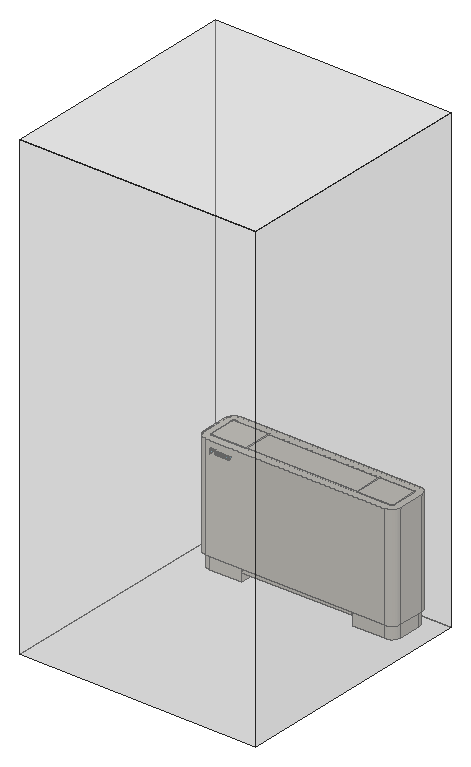
Revit family "outputfile", category 機械設備, Revit 2024
Family settings
  丸型コネクタ寸法 = 半径を使用
  パーツ タイプ = 標準
  OmniClass 番号 = 23.75.10.24.21.27.27
  OmniClass タイトル = Split System Air Conditioning Units
  作業面ベース = いいえ
  常に垂直 = はい
  ロード時にボイドで切り取り = いいえ
  注釈の向きを維持 = いいえ
  共有 = いいえ
  部屋計算ポイント = いいえ
Parameters (values of type "FXLQ20MAVE8")
  Description = ""
  製造元 = "Daikin"
  書き出し IFC クラス(タイプ) = "IfcUnitaryEquipmentType"
  定義済み IFC タイプ(タイプ) = "AIRCONDITIONINGUNIT"
  Cost = 0
  モデル = "FXLQ20MAVE8"
  Type Comments = ""
  Keynote = ""
  Type Image = (empty or 0)
  Assembly Code = ""
  w_machine casing = 620.0 mm
  w_hangerfixture = 0.0 mm
  w_dischargeflange = 562.0 mm
  w_2_machine casing = 590.0 mm
  w_1_machine casing = 562.0 mm
  r_Liquid Pipe Size = Liquid Pipe Size / 2  # 3.2 mm
  r_Gas Pipe Size = Gas Pipe Size / 2  # 6.35 mm
  w_mounting foot = 830.0 mm
  r_Drain Pipe Size = Drain Pipe Size / 2  # 10.5 mm
  h_mountinghole = [h***] + 2.5 mm  # 2.5 mm
  lh_liquidpipe = 391.0 mm  # constant formula
  lh_gaspipe = 301.0 mm  # constant formula
  lh_drainpipe = 181.0 mm  # constant formula
  lh_antena = 598.5 mm  # constant formula
  ld_liquidpipe = 88.0 mm  # constant formula
  ld_gaspipe = 143.0 mm  # constant formula
  ld_drainpipe = 156.0 mm  # constant formula
  h*** = 0.0 mm  # constant formula
  w_front suction = 601.0 mm
  d_pipe_2 = 27.3 mm  # constant formula
  d_pipe_1 = 47.6 mm  # constant formula
  d_pipe = 71.2 mm  # constant formula
  Width = 1000.0 mm
  Voltage_comment_50Hz = "220-240"
  Voltage_50Hz = 220 V
  Version = "ver.1.0"
  Unit Type = "Floor Standing Type"
  Unit Mass Weight = 25.00 kg
  Unit Designation [instance] = ""
  Uniclass2015Version = "Products v1.30"
  Uniclass2015Title = "Variable refrigerant flow units"
  Uniclass2015Code = "Pr_70_65_03_94"
  URL = ""
  Total Heating Capacity [instance] = 0.000 kW
  Total Cooling Capacity [instance] = 0.000 kW
  Sound Pressure Level_M speed (dBA) = 0
  Sound Pressure Level_L speed (dBA) = 33
  Sound Pressure Level_H speed (dBA) = 36
  Sound Power Level_H speed (dB) = 0
  Series = "VRV Fan Coil Unit"
  Sensible Cooling Capacity [instance] = 0.000 kW
  SA Duct Size Width = w_dischargeflange  # 562.0 mm
  SA Duct Size Height = 150.0 mm  # constant formula
  Refrigerant Type = "R410A"
  Power Input (Heating) = 0.049 kW
  Power Input (Cooling) = 0.049 kW
  Phase_50Hz = 1
  Option Accessory 3 [instance] = ""
  Option Accessory 2 [instance] = ""
  Option Accessory 1 [instance] = ""
  Nominal Heating Capacity = 2.500 kW
  Nominal Cooling Capacity = 2.200 kW
  Minimum External Static Pressure = 0.00 Pa
  Minimum Circuit Amps_50Hz = 0.3 A
  Minimum Airflow = 360.00 m³/h
  Median Airflow = 0.00 m³/h
  Maximum Fuse Amps_50Hz = 15.0 A
  Maximum External Static Pressure = 0.00 Pa
  Maximum Airflow = 420.00 m³/h
  Material_Casing = DAIKIN_IvoryWhite_Casing_indoorunit
  Load Classification = HVAC
  Liquid Pipe Size = 6.4 mm
  Link_Nested Family [instance] = ""
  IfcVersion = "0"
  IfcExportType = "AIRCONDITIONINGUNIT"
  IfcExportAs = "IfcUnitaryEquipmentType"
  Height = 600.0 mm
  Heating Entering Wet Bulb Temperature [instance] = 0.00 °C
  Heating Entering Dry Bulb Temperature [instance] = 0.00 °C
  Heating Ambient Wet Bulb Temperature [instance] = 0.00 °C
  Heating Ambient Dry Bulb Temperature [instance] = 0.00 °C
  Heat Exchanger Type = "Cross Fin Coil"
  Gas Pipe Size = 12.7 mm
  Frequency_50Hz = 50 Hz
  Fan Type = "Sirocco Fan"
  Fan Drive = "Direct Drive"
  FCU Tag No. [instance] = ""
  Drain Pipe Size = 21.0 mm
  Design Supply Airflow [instance] = 0.00 m³/h
  Design External Static Pressure [instance] = 0.00 Pa
  Depth = 222.0 mm
  既定の高さ = 0.0 mm
  Cooling Entering Wet Bulb Temperature [instance] = 0.00 °C
  Cooling Entering Dry Bulb Temperature [instance] = 0.00 °C
  Cooling Ambient Wet Bulb Temperature [instance] = 0.00 °C
  Cooling Ambient Dry Bulb Temperature [instance] = 0.00 °C
  Clearance visibility [instance] = yes
  Clearance Top = 1750.0 mm
  Clearance Right = 100.0 mm
  Clearance Rear = 20.0 mm
  Clearance Left = 100.0 mm
  Clearance Front = 1000.0 mm
  Clearance Bottom = 0.0 mm
Reference planes
  plane 1: y = 0
  plane 2: z = 0
  plane 3 "Center (Left/Right)": x = 0
  plane 4 "Center (Front/Back)": y = -103
  plane 5: y = -206
  plane 6: x = -310
  plane 7: x = 310
  plane 8: z = 584
  plane 9: z = 68
  plane 10: z = 609
  plane 11: z = 2350
  plane 12: z = 0
  plane 13: x = -600
  plane 14: x = 600
  plane 15: y = -1214
  plane 16: y = 28
  plane 17 "Bottom": z = 0
  plane 18: x = -278
  plane 19: x = 278
  plane 20: x = -329
  plane 21: x = -480
  plane 22: z = 129
  plane 23: z = 518
  plane 24: z = 564.5
  plane 25: y = -32
  plane 26: x = 408.8
  plane 27 "ld_drainpipe": y = -148
  plane 28: z = 181
  plane 29: z = 301
  plane 30: z = 391
  plane 31: x = 337
  plane 32: x = 295
  plane 33: x = -295
  plane 34 "ld_liquidpipe": y = -80
  plane 35 "ld_gaspipe": y = -135
  plane 36: x = 444
  plane 37: z = 518.4
  plane 38: z = 388.6
  plane 39: x = 296
  plane 40: x = -296
  plane 41: x = -404.5
  plane 42: y = -42
  plane 43: y = -25.8
  plane 44 "Left": x = -500
  plane 45 "Right": x = 500
  plane 46: x = -281
  plane 47: x = 281
  plane 48: z = 70
  plane 49 "Top": z = 600
  plane 50 "Front": y = -214
  plane 51 "Back": y = 8
  plane 52: y = -201
Forms (mm)
  Extrusion 1, solid, material "DAIKIN_IvoryWhite_Casing_indoorunit" <- "Material_Casing"
    sketch origin (0, 0, 0) x (1, 0, 0) y (0, 1, 0)
      loop
        line (-310, 0) -> (-310, -206) -> (310, -206) -> (310, 0) -> (-310, 0)
    from 68 to 584
  Extrusion 2, solid, material "DAIKIN_IvoryWhite_Casing_indoorunit" <- "Material_Casing"
    sketch origin (0, 0, 68) x (0, 1, 0) y (1, 0, 0)
      loop
        line (0, -278) -> (0, 278) -> (-206, 278) -> (-206, -278) -> (0, -278)
    from 0 to 19.6
  Extrusion 3, solid, material "DAIKIN_IvoryWhite_Casing_indoorunit" <- "Material_Casing"
    sketch origin (-310, -206, 0) x (0, 1, 0) y (0, 0, -1)
      loop
        circle (103, -448.5) r 12.5
      loop
        circle (103, -243.5) r 12.5
    from 0 to 19
  Extrusion 4, solid, material "DAIKIN_IvoryWhite_Casing_indoorunit" <- "Material_Casing"
    sketch origin (0, 0, 68) x (-1, 0, 0) y (0, -1, 0)
      loop
        line (480, 25.8) -> (480, 71.25) -> (345.25, 206) -> (329, 206) -> (329, 25.8) -> (480, 25.8)
    from 61 to 450
  Extrusion 5, solid, material "DAIKIN_IvoryWhite_Casing_indoorunit" <- "Material_Casing"
    sketch origin (310, 0, 0) x (0, -1, 0) y (0, 0, -1)
      loop
        line (5.208, -545.14) -> (32, -564.5) -> (104, -554.5) -> (202.913, -407.529) -> (197.289, -319.3) -> (168.604, -299.952) -> (5.208, -545.14)
    from 0 to 98.8
  Extrusion 6, solid, material "DAIKIN_IvoryWhite_Casing_indoorunit" <- "Material_Casing"
    sketch origin (310, 0, 0) x (0, -1, 0) y (0, 0, -1)
      loop
        line (188.5, -240) -> (188.5, -210) -> (107.5, -210) -> (107.5, -240) -> (188.5, -240)
    from 0 to 50
  Extrusion 7, solid, material "DAIKIN_IvoryWhite_Casing_indoorunit" <- "Material_Casing"
    sketch origin (310, -107.5, 210) x (-1, 0, 0) y (0, 1, 0)
      loop
        circle (-27, -40.5) r 10.5
    from 0 to 29
  Sweep 8, solid, material "DAIKIN_IvoryWhite_Casing_indoorunit" <- "Material_Casing"
    path origin (0, -80, 0) x (0, 0, 1) y (1, 0, 0)
      loop
        line (518.4, 408.8) -> (518.4, 431)
        arc (518.4, 431) -> (514.592, 440.192) -> (505.4, 444) r 13
        line (505.4, 444) -> (391, 444)
    profile origin (419.9, -80, 518.4) x (0, 0, -1) y (0, 1, 0)
      loop
        circle (0, 0) r 3.2
  Sweep 9, solid, material "DAIKIN_IvoryWhite_Casing_indoorunit" <- "Material_Casing"
    path origin (0, -135, 0) x (0, 0, 1) y (1, 0, 0)
      loop
        line (388.6, 408.8) -> (388.6, 431)
        arc (388.6, 431) -> (384.792, 440.192) -> (375.6, 444) r 13
        line (375.6, 444) -> (301, 444)
    profile origin (419.9, -135, 388.6) x (0, 0, -1) y (0, 1, 0)
      loop
        circle (0, 0) r 6.35
Dimensions and locks
  equal spacing: plane 5, plane 4 "Center (Front/Back)", plane 1
  equal spacing: plane 6, plane 3 "Center (Left/Right)", plane 7
  locked: plane 10 to plane 8 at 25
  "h***": plane 17 "Bottom" to plane 2
  locked: plane 8 to plane 9 at 516
  "Clearance Bottom": plane 17 "Bottom" to plane 12
  locked: plane 6 to plane 18 at 32
  locked: plane 19 to plane 7 at 32
  plane 18 to plane 19 = 556.0 mm
  locked: Extrusion 3 sketch curve to plane 9 at 175.5
  locked: Extrusion 3 sketch curve to Extrusion 3 sketch curve at 205
  locked: plane 6 to plane 20 at 19
  plane 23 to plane 22 to plane 17 "Bottom" = 389.0 mm locked, 129.0 mm locked
  locked: plane 21 to plane 6 at 170
  locked: plane 10 to plane 24 at 44.5
  locked: plane 5 to plane 25 at 174
  locked: plane 7 to plane 26 at 98.8
  locked: Extrusion 6 sketch curve to Extrusion 6 sketch curve at 30
  locked: Extrusion 6 sketch curve to Extrusion 6 sketch curve at 81
  locked: Extrusion 6 sketch curve to plane 17 "Bottom" at 240
  locked: plane 27 "ld_drainpipe" to Extrusion 6 sketch curve at 40.5
  "lh_drainpipe": plane 28 to plane 17 "Bottom"
  "lh_gaspipe": plane 29 to plane 17 "Bottom"
  "lh_liquidpipe": plane 30 to plane 17 "Bottom"
  locked: plane 33 to plane 6 at 15
  locked: plane 7 to plane 32 at 15
  locked: plane 31 to plane 32 at 42
  locked: plane 36 to plane 7 at 134
  locked: plane 10 to plane 37 at 90.6
  locked: plane 10 to plane 38 at 220.4
  locked: plane 6 to plane 40 at 14
  locked: plane 39 to plane 7 at 14
  equal spacing: plane 32, plane 3 "Center (Left/Right)", plane 33
  plane 32 to plane 33 = 590.0 mm
  locked: plane 21 to plane 41 at 75.5
  locked: plane 42 to plane 1 at 42
  locked: plane 43 to plane 5 at 180.2
  locked: Extrusion 4 sketch curve to plane 20 at 16.25
  locked: plane 43 to Extrusion 4 sketch curve at 45.45
  locked: plane 46 to plane 44 "Left" at 219
  locked: plane 45 "Right" to plane 47 at 219
  "Width": plane 45 "Right" to plane 44 "Left"
  locked: plane 49 "Top" to plane 48 at 530
  equal spacing: plane 45 "Right", plane 3 "Center (Left/Right)", plane 44 "Left"
  "w_machine casing": plane 6 to plane 7
  "Depth": plane 51 "Back" to plane 50 "Front"
  equal spacing: plane 51 "Back", plane 4 "Center (Front/Back)", plane 50 "Front"
  locked: plane 1 to plane 5 at 206
  locked: plane 10 to plane 17 "Bottom" at 609
  "Height": plane 49 "Top" to plane 17 "Bottom"
  "Clearance Rear": plane 16 to plane 51 "Back"
  "Clearance Front": plane 50 "Front" to plane 15
  "Clearance Right": plane 14 to plane 45 "Right"
  "Clearance Left": plane 44 "Left" to plane 13
  "Clearance Top": plane 11 to plane 49 "Top"
  equal spacing: plane 18, nested 2, plane 19
  "ld_liquidpipe": plane 34 "ld_liquidpipe" to plane 51 "Back"
  "ld_gaspipe": plane 35 "ld_gaspipe" to plane 51 "Back"
  "ld_drainpipe": plane 27 "ld_drainpipe" to plane 51 "Back"
  locked: plane 50 "Front" to plane 52 at 13
  "Drain Pipe Size": diameter of Extrusion 7 sketch curve
  "Gas Pipe Size": diameter of Sweep 9 sketch curve
  locked: Extrusion 4 sketch curve to Extrusion 4 sketch curve (angle 45.00°)
  aligned and locked: level to plane 2
  aligned and locked: plane 1 to Extrusion 1 sketch curve
  aligned and locked: plane 6 to Extrusion 1 sketch curve
  aligned and locked: plane 5 to Extrusion 1 sketch curve
  aligned and locked: Extrusion 1 sketch curve to plane 7
  aligned and locked: plane 8 to Extrusion 1
  aligned and locked: Extrusion 1 to plane 9
  aligned and locked: plane 8 to nested 1
  aligned and locked: plane 3 "Center (Left/Right)" to nested 1
  aligned and locked: nested 2 to plane 16
  aligned and locked: nested 2 to plane 15
  aligned and locked: plane 11 to nested 2
  aligned and locked: plane 12 to nested 2
  aligned and locked: plane 13 to nested 2
  aligned and locked: plane 14 to nested 2
  aligned and locked: nested 3 to plane 4 "Center (Front/Back)"
  aligned and locked: nested 4 to plane 4 "Center (Front/Back)"
  aligned and locked: plane 1 to Extrusion 2 sketch curve
  aligned and locked: plane 5 to Extrusion 2 sketch curve
  aligned and locked: plane 18 to Extrusion 2 sketch curve
  aligned and locked: Extrusion 2 sketch curve to plane 19
  aligned and locked: plane 4 "Center (Front/Back)" to Extrusion 3 sketch curve  (x2)
  aligned and locked: Extrusion 3 to plane 20
  aligned and locked: plane 21 to Extrusion 4 sketch curve
  aligned and locked: Extrusion 4 sketch curve to plane 20
  aligned and locked: plane 23 to Extrusion 4
  aligned and locked: Extrusion 4 to plane 22
  aligned and locked: plane 26 to Extrusion 5
  aligned and locked: plane 25 to Extrusion 5 sketch curve
  aligned and locked: plane 24 to Extrusion 5 sketch curve
  aligned and locked: plane 31 to Extrusion 7 sketch curve
  aligned and locked: plane 27 "ld_drainpipe" to Extrusion 7 sketch curve
  aligned and locked: Extrusion 7 to plane 28
  aligned and locked: plane 36 to Sweep 8 sketch curve
  aligned and locked: Sweep 8 sketch curve to plane 37
  aligned and locked: plane 30 to Sweep 8 sketch curve
  aligned and locked: plane 26 to Sweep 8 sketch curve
  aligned and locked: plane 29 to Sweep 9 sketch curve
  aligned and locked: plane 26 to Sweep 9 sketch curve
  aligned and locked: Sweep 9 sketch curve to plane 38
  aligned and locked: plane 36 to Sweep 9 sketch curve
  aligned and locked: nested 3 to plane 39
  aligned and locked: plane 40 to nested 4
  aligned and locked: plane 31 to nested 5
  aligned and locked: nested 6 to plane 36
  aligned and locked: nested 7 to plane 36
  aligned and locked: nested 8 to plane 41
  aligned and locked: plane 4 "Center (Front/Back)" to nested 8
  aligned and locked: Extrusion 4 sketch curve to plane 43
  aligned and locked: Extrusion 4 sketch curve to plane 5
  aligned and locked: nested 7 to plane 34 "ld_liquidpipe"
  aligned and locked: nested 6 to plane 35 "ld_gaspipe"
  aligned and locked: nested 5 to plane 27 "ld_drainpipe"
  aligned and locked: nested 9 to plane 46
  aligned and locked: nested 9 to plane 17 "Bottom"
  aligned and locked: nested 10 to plane 47
  aligned and locked: nested 10 to plane 17 "Bottom"
  aligned and locked: plane 3 "Center (Left/Right)" to nested 11
  aligned and locked: nested 11 to plane 4 "Center (Front/Back)"
  aligned and locked: nested 11 to plane 48
  aligned and locked: nested 12 to plane 50 "Front"
  aligned and locked: plane 24 to nested 12
  aligned and locked: plane 20 to nested 12
  aligned and locked: plane 52 to nested 10
  aligned and locked: nested 9 to plane 52
  aligned and locked: nested 5 to plane 17 "Bottom"
  aligned and locked: nested 6 to plane 17 "Bottom"
  aligned and locked: nested 7 to plane 17 "Bottom"
  aligned and locked: nested 8 to plane 17 "Bottom"
  aligned and locked: plane 4 "Center (Front/Back)" to nested 1
  aligned and locked: plane 49 "Top" to nested 11
Automatic sketch dimensions
  Extrusion 1 sketch curve to plane 5 = 0.0 mm
  Extrusion 1 to Extrusion 5 sketch curve = 5.208 mm
  Extrusion 1 to Extrusion 5 sketch curve = 29.5 mm
  Extrusion 5 sketch curve to Extrusion 5 sketch curve = 72.0 mm
  Extrusion 1 to Extrusion 5 sketch curve = 37.396 mm
  Extrusion 1 to Extrusion 5 sketch curve = 8.711 mm
  Extrusion 1 to Extrusion 5 sketch curve = 3.087 mm
  Extrusion 5 sketch curve to Extrusion 5 sketch curve = 19.36 mm
  Extrusion 1 to Extrusion 5 sketch curve = 176.471 mm
  Extrusion 5 sketch curve to Extrusion 5 sketch curve = 88.229 mm
  Extrusion 5 sketch curve to Extrusion 5 sketch curve = 19.348 mm
  Sweep 8 sketch curve to profile plane = 0.0 mm  (x2)
  Sweep 8 sketch curve to plane 23 = 12.6 mm
  Sweep 9 sketch curve to plane 38 = 13.0 mm
  Sweep 9 sketch curve to plane 35 "ld_gaspipe" = 0.0 mm
  Sweep 9 sketch curve to profile plane = 0.0 mm
  radius of Extrusion 3 sketch curve = 12.5 mm  (x2)
  radius of Sweep 8 sketch curve = 3.2 mm
Nested families
  nested 1: "daikin_ductflange_FXLQ-MAVE8" at (0, -178, 584) x (1, 0, 0) z (0, 1, 0), width <- "w_dischargeflange", material <- "Material_Casing", type "daikin_ductflange_FXLQ-MAVE8"
    with width 562.0 mm, material DAIKIN_IvoryWhite_Casing_indoorunit, height 150.0 mm, depth 16.0 mm
  nested 2: "daikin_clearancespace" at (0, -593, 1175.119), visible <- "Clearance visibility", show <- "Clearance visibility", Link_Nested Family <- "Link_Nested Family", type "daikin_clearancespace"
    with width 1200.0 mm, show yes, height 2350.0 mm, depth 1242.0 mm, Link_Nested Family ""
  nested 3: "daikin_mountinghole" at (296, -103, 0), Link_Nested Family <- "Link_Nested Family", h_mountinghole <- "h_mountinghole", l_antenna <- "lh_antena", type "daikin_mountinghole"
    with show yes, l_antenna 598.5 mm, h_mountinghole 2.5 mm, Link_Nested Family ""
  nested 4: "daikin_mountinghole" at (-296, -103, 0), Link_Nested Family <- "Link_Nested Family", h_mountinghole <- "h_mountinghole", l_antenna <- "lh_antena", type "daikin_mountinghole"
    with show yes, l_antenna 598.5 mm, h_mountinghole 2.5 mm, Link_Nested Family ""
  nested 5: "daikin_connector_rotate2" at (337, -148, 181) x (1, 0, 0) z (0, -1, 0), radius <- "r_Drain Pipe Size", length <- "lh_drainpipe", type "daikin_connector_rotate2"
    with radius 10.5 mm, length 181.0 mm, angle_vertical 90.00°, show_face no
  nested 6: "daikin_connector_rotate2" at (444, -135, 301) x (1, 0, 0) z (0, -1, 0), radius <- "r_Gas Pipe Size", length <- "lh_gaspipe", type "daikin_connector_rotate2"
    with radius 6.35 mm, length 301.0 mm, angle_vertical 90.00°, show_face no
  nested 7: "daikin_connector_rotate2" at (444, -80, 391) x (1, 0, 0) z (0, -1, 0), radius <- "r_Liquid Pipe Size", length <- "lh_liquidpipe", type "daikin_connector_rotate2"
    with radius 3.2 mm, length 391.0 mm, angle_vertical 90.00°, show_face no
  nested 8: "daikin_connector_rotate2" at (-404.5, -103, 129) x (1, 0, 0) z (0, -1, 0), type "daikin_connector_rotate2"
    with radius 10.0 mm, length 129.0 mm, angle_vertical 90.00°, show_face no
  nested 9: "daikin_hangerfixture_FXLQ-MAVE8" at (-385.5, -99, 0), type "daikin_hangerfixture_FXLQ-MAVE8"
  nested 10: "daikin_hangerfixture_FXLQ-MAVE8" at (385.5, -99, 0) x (-1, 0, 0) z (0, 0, 1), type "daikin_hangerfixture_FXLQ-MAVE8"
  nested 11: "daikin_machine casing_FXLQ-MAVE8" at (0, -103, 70), width <- "Width", W_2 <- "w_2_machine casing", W_1 <- "w_1_machine casing", material <- "Material_Casing", type "daikin_machine casing_FXLQ-MAVE8"
    with width 1000.0 mm, material DAIKIN_IvoryWhite_Casing_indoorunit, height 530.0 mm, depth 222.0 mm, W_2 590.0 mm, W_1 562.0 mm, D_1 150.0 mm
  nested 12: "daikin_logo_elevation_w100" at (-364, -214, 539.5), type "daikin_logo_elevation_w100"
    with show_logo yes
Connectors
  electrical at (-404.5, -103, 0), driven by "Load Classification"
    settings: on nested 8, index 5, voltage 0 V, apparent load 0 VA, apparent load phase1 0 VA, apparent load phase2 0 VA, apparent load phase3 0 VA, power factor 1, load classification "HVAC", number of poles 1, system type 30, power factor state 1, is connector primary yes, connector utility no, sub classification motor no, connector description "Power Supply"
  piping at (444, -80, 0), diameter 6.4, driven by "r_Liquid Pipe Size"
    settings: on nested 7, index 6, connector inside diameter 609.6 mm, connector length 0.0 mm, flow factor 0, pipe flow 0.00 m³/h, pressure drop 0.0 Pa, fitting loss kfactor 0, connector angle 0.00°, fixture units 0, engagement length 0.0 mm, angle of deflection 0.00°, flow configuration 1, flow direction 1, fitting loss method 0, system type 29, joint type 0, gender type 0, connector reference index -1, connector utility 0, adjustable connector no, is connector primary yes, connector description "Refrigerant Liquid Piping"
  piping at (444, -135, 0), diameter 12.7, driven by "r_Gas Pipe Size"
    settings: on nested 6, index 7, connector inside diameter 609.6 mm, connector length 0.0 mm, flow factor 0, pipe flow 0.00 m³/h, pressure drop 0.0 Pa, fitting loss kfactor 0, connector angle 0.00°, fixture units 0, engagement length 0.0 mm, angle of deflection 0.00°, flow configuration 1, flow direction 2, fitting loss method 0, system type 29, joint type 0, gender type 0, connector reference index -1, connector utility 0, adjustable connector no, is connector primary no, connector description "Refrigerant Gas Piping"
  piping at (337, -148, 0), diameter 21, driven by "r_Drain Pipe Size"
    settings: on nested 5, index 8, connector inside diameter 609.6 mm, connector length 0.0 mm, flow factor 0, pipe flow 0.00 m³/h, pressure drop 0.0 Pa, fitting loss kfactor 0, connector angle 0.00°, fixture units 0, engagement length 0.0 mm, angle of deflection 0.00°, flow configuration 1, flow direction 2, fitting loss method 4, system type 16, joint type 0, gender type 0, connector reference index -1, connector utility 0, adjustable connector no, is connector primary no, connector description "Condensate Drain Piping"
Definition of nested family "daikin_ductflange_FXLQ-MAVE8"
  Parameters (values of type "daikin_ductflange_FXLQ-MAVE8")
    width [instance] = 662.0 mm
    material [instance] = none
    height [instance] = 150.0 mm
    depth [instance] = 25.0 mm
    Default Elevation = 0.0 mm
  Reference planes
    plane 1 "Center (Front/Back)": y = 0
    plane 2: z = 0
    plane 3 "Center (Left/Right)": x = 0
    plane 4: y = -25
    plane 5: x = -331
    plane 6: x = 331
    plane 7 "Top": z = 150
    plane 8: y = -1
    plane 9: z = 135.5
    plane 10: z = 14.5
    plane 11 "Center (Elevation)": z = 75
    plane 12: x = -330
    plane 13: x = 330
  Forms (mm)
    Extrusion 1, solid, material <- "material"
      sketch origin (0, 0, 0) x (1, 0, 0) y (0, 0, 1)
        loop
          line (-331, 150) -> (-331, 0) -> (331, 0) -> (331, 150) -> (-331, 150)
      from 1 to 25
  Dimensions and locks
    "height": plane 7 "Top" to plane 2
    "width": plane 5 to plane 6
    equal spacing: plane 5, plane 3 "Center (Left/Right)", plane 6
    "depth": plane 1 "Center (Front/Back)" to plane 4
    locked: plane 8 to plane 1 "Center (Front/Back)" at 1
    locked: plane 7 "Top" to plane 9 at 14.5
    locked: plane 10 to plane 2 at 14.5
    equal spacing: plane 7 "Top", plane 11 "Center (Elevation)", plane 2
    locked: plane 12 to plane 5 at 1
    locked: plane 6 to plane 13 at 1
    aligned and locked: level to plane 2
    aligned and locked: plane 5 to Extrusion 1 sketch curve
    aligned and locked: Extrusion 1 sketch curve to plane 7 "Top"
    aligned and locked: plane 2 to Extrusion 1 sketch curve
    aligned and locked: Extrusion 1 sketch curve to plane 6
    aligned and locked: Extrusion 1 to plane 4
    aligned and locked: plane 8 to Extrusion 1
Definition of nested family "daikin_clearancespace"
  Parameters (values of type "daikin_clearancespace")
    width [instance] = 1823.963 mm
    show [instance] = yes
    material = none
    height [instance] = 1359.762 mm
    depth [instance] = 880.0 mm
    Default Elevation = 0.0 mm
    Link_Nested Family [instance] = ""
  Reference planes
    plane 1 "Center (Front/Back)": y = 0
    plane 2 "Center (Elevation)": z = -0.119
    plane 3 "Center (Left/Right)": x = 0
    plane 4: y = 440
    plane 5: y = -440
    plane 6 "Right": x = 911.982
    plane 7 "Left": x = -911.982
    plane 8 "Top": z = 679.762
    plane 9 "Bottom": z = -680
  Forms (mm)
    Extrusion 1, solid, material <- "material", visible <- "show"
      sketch origin (0, 0, 0) x (1, 0, 0) y (0, 1, 0)
        loop
          line (-911.982, 440) -> (-911.982, -440) -> (911.982, -440) -> (911.982, 440) -> (-911.982, 440)
      from -680 to 679.762
  Lines and regions (mm)
    symbolic lines, visible <- "show"
      curve 1: line (911.982, 440, 0) -> (-911.982, 440, 0)
      curve 2: line (-911.982, 440, 0) -> (-911.982, -440, 0)
      curve 3: line (-911.982, -440, 0) -> (911.982, -440, 0)
      curve 4: line (911.982, -440, 0) -> (911.982, 440, 0)
      curve 5: line (911.982, 0, 679.762) -> (-911.982, 0, 679.762)
      curve 6: line (911.982, 0, -680) -> (911.982, 0, 679.762)
      curve 7: line (-911.982, 0, -680) -> (911.982, 0, -680)
      curve 8: line (-911.982, 0, 679.762) -> (-911.982, 0, -680)
      curve 9: line (0, 440, 679.762) -> (0, -440, 679.762)
      curve 10: line (0, -440, 679.762) -> (0, -440, -680)
      curve 11: line (0, 440, -680) -> (0, 440, 679.762)
      curve 12: line (0, -440, -680) -> (0, 440, -680)
  Dimensions and locks
    "width": plane 7 "Left" to plane 6 "Right"
    "depth": plane 4 to plane 5
    "height": plane 8 "Top" to plane 9 "Bottom"
    equal spacing: plane 7 "Left", plane 3 "Center (Left/Right)", plane 6 "Right"
    equal spacing: plane 4, plane 1 "Center (Front/Back)", plane 5
    equal spacing: plane 8 "Top", plane 2 "Center (Elevation)", plane 9 "Bottom"
    aligned and locked: level to plane 2 "Center (Elevation)"
    aligned and locked: Extrusion 1 sketch curve to plane 4
    aligned and locked: plane 7 "Left" to Extrusion 1 sketch curve
    aligned and locked: Extrusion 1 sketch curve to plane 5
    aligned and locked: Extrusion 1 sketch curve to plane 6 "Right"
    aligned and locked: plane 8 "Top" to Extrusion 1
    aligned and locked: curve 1 to Extrusion 1
    aligned and locked: curve 2 to Extrusion 1
    aligned and locked: curve 3 to Extrusion 1
    aligned and locked: curve 4 to Extrusion 1
    aligned and locked: curve 5 to Extrusion 1
    aligned and locked: curve 6 to Extrusion 1
    aligned and locked: curve 7 to Extrusion 1
    aligned and locked: curve 8 to Extrusion 1
    aligned and locked: curve 9 to Extrusion 1
    aligned and locked: curve 10 to Extrusion 1
    aligned and locked: curve 11 to Extrusion 1
    aligned and locked: curve 12 to Extrusion 1
    aligned and locked: Extrusion 1 to plane 9 "Bottom"
Definition of nested family "daikin_hangerfixture_FXLQ-MAVE8"
  Parameters (values of type "daikin_hangerfixture_FXLQ-MAVE8")
    width = 209.0 mm
    material = none
    height = 70.0 mm
    depth = 204.0 mm
    Default Elevation = 0.0 mm
  Reference planes
    plane 1 "Center (Front/Back)": y = 0
    plane 2: z = 0
    plane 3 "Center (Left/Right)": x = 0
    plane 4: x = -104.5
    plane 5: x = 104.5
    plane 6: y = 102
    plane 7: y = -102
    plane 8: z = 70
  Forms (mm)
    Extrusion 1, solid, material <- "material"
      sketch origin (0, 0, 0) x (1, 0, 0) y (0, 1, 0)
        loop
          arc (-59.5, 102) -> (-91.32, 88.82) -> (-104.5, 57) r 45
          line (-104.5, 57) -> (-104.5, -57)
          arc (-104.5, -57) -> (-91.32, -88.82) -> (-59.5, -102) r 45
          line (-59.5, -102) -> (104.5, -102) -> (104.5, 102) -> (-59.5, 102)
      from 0 to 70
    Extrusion 2, void
      sketch origin (0, 0, 0) x (1, 0, 0) y (0, 1, 0)
        loop
          line (74.5, 92) -> (-55.5, 92)
          arc (-55.5, 92) -> (-80.249, 81.749) -> (-90.5, 57) r 35
          line (-90.5, 57) -> (-90.5, -57)
          arc (-90.5, -57) -> (-80.249, -81.749) -> (-55.5, -92) r 35
          line (-55.5, -92) -> (74.5, -92) -> (74.5, 92)
      from 0 to 67.5
    Extrusion 3, void
      sketch origin (0, 0, 0) x (1, 0, 0) y (0, 1, 0)
        loop
          line (83.5, 9) -> (83.5, -9) -> (95.5, -9) -> (95.5, 9) -> (83.5, 9)
      from 0 to 2.5
    Extrusion 4, void
      sketch origin (0, 0, 0) x (1, 0, 0) y (0, 1, 0)
        loop
          line (74.5, 92) -> (74.5, -92) -> (102, -92) -> (102, 92) -> (74.5, 92)
      from 2.5 to 67.5
  Cuts and joins
    Extrusion 2, Extrusion 3, Extrusion 4 cuts Extrusion 1
  Dimensions and locks
    "depth": plane 7 to plane 6
    equal spacing: plane 7, plane 1 "Center (Front/Back)", plane 6
    "width": plane 4 to plane 5
    equal spacing: plane 4, plane 3 "Center (Left/Right)", plane 5
    "height": plane 8 to plane 2
    locked: Extrusion 2 sketch curve to plane 5 at 30
    locked: Extrusion 2 sketch curve to plane 6 at 10
    locked: plane 7 to Extrusion 2 sketch curve at 10
    locked: plane 4 to Extrusion 2 sketch curve at 14
    locked: Extrusion 3 sketch curve to Extrusion 3 sketch curve at 12
    locked: Extrusion 3 sketch curve to Extrusion 3 sketch curve at 18
    locked: Extrusion 3 sketch curve to plane 1 "Center (Front/Back)" at 9
    locked: Extrusion 3 sketch curve to plane 5 at 9
    locked: Extrusion 4 sketch curve to plane 6 at 10
    locked: plane 7 to Extrusion 4 sketch curve at 10
    locked: Extrusion 4 sketch curve to plane 5 at 2.5
    aligned and locked: level to plane 2
    aligned and locked: plane 6 to Extrusion 1 sketch curve
    aligned and locked: plane 4 to Extrusion 1 sketch curve
    aligned and locked: Extrusion 1 sketch curve to plane 7
    aligned and locked: Extrusion 1 sketch curve to plane 5
    aligned and locked: plane 8 to Extrusion 1
  Automatic sketch dimensions
    plane 4 to Extrusion 1 sketch curve = 45.0 mm  (x2)
    plane 4 to Extrusion 2 sketch curve = 49.0 mm
    Extrusion 2 sketch curve to Extrusion 2 sketch curve = 35.0 mm
    Extrusion 4 sketch curve to plane 5 = 30.0 mm
Definition of nested family "daikin_machine casing_FXLQ-MAVE8"
  Parameters (values of type "daikin_machine casing_FXLQ-MAVE8")
    width [instance] = 1000.0 mm
    material [instance] = none
    height [instance] = 530.0 mm
    depth [instance] = 222.0 mm
    W_2 [instance] = 590.0 mm
    W_1 [instance] = 562.0 mm
    Default Elevation = 0.0 mm
    D_1 [instance] = 150.0 mm
  Reference planes
    plane 1 "Center (Front/Back)": y = 0
    plane 2: z = 0
    plane 3 "Center (Left/Right)": x = 0
    plane 4: x = -500
    plane 5: x = 500
    plane 6: y = 111
    plane 7: y = -111
    plane 8: z = 530
    plane 9: x = -281
    plane 10: x = 281
    plane 11: y = 75
    plane 12: y = -75
    plane 13: x = -298
    plane 14: x = 298
    plane 15: x = -464
    plane 16: x = 464
    plane 17: x = -295
    plane 18: x = 295
    plane 19: z = 163
    plane 20: z = 355
  Forms (mm)
    Extrusion 1, solid, material <- "material"
      sketch origin (0, 0, 0) x (1, 0, 0) y (0, 1, 0)
        loop
          arc (-455, 111) -> (-486.82, 97.82) -> (-500, 66) r 45
          line (-500, 66) -> (-500, -66)
          arc (-500, -66) -> (-486.82, -97.82) -> (-455, -111) r 45
          line (-455, -111) -> (455, -111)
          arc (455, -111) -> (486.82, -97.82) -> (500, -66) r 45
          line (500, -66) -> (500, 66)
          arc (500, 66) -> (486.82, 97.82) -> (455, 111) r 45
          line (455, 111) -> (-455, 111)
      from 0 to 530
    Extrusion 2, void
      sketch origin (0, 0, 0) x (1, 0, 0) y (0, 1, 0)
        loop
          arc (-455, 108.5) -> (-485.052, 96.052) -> (-497.5, 66) r 42.5
          line (-497.5, 66) -> (-497.5, -66)
          arc (-497.5, -66) -> (-485.052, -96.052) -> (-455, -108.5) r 42.5
          line (-455, -108.5) -> (455, -108.5)
          arc (455, -108.5) -> (485.052, -96.052) -> (497.5, -66) r 42.5
          line (497.5, -66) -> (497.5, 66)
          arc (497.5, 66) -> (485.052, 96.052) -> (455, 108.5) r 42.5
          line (455, 108.5) -> (-455, 108.5)
      from 0 to 528
    Extrusion 3, void
      sketch origin (0, 0, 530) x (0, 1, 0) y (1, 0, 0)
        loop
          line (75, -281) -> (75, 281) -> (-75, 281) -> (-75, -281) -> (75, -281)
      from 0 to 2.5
    Extrusion 4, void
      sketch origin (0, 0, 530) x (0, 1, 0) y (1, 0, 0)
        loop
          line (75, -455) -> (75, -281) -> (74, -281) -> (74, -455)
          arc (74, -455) -> (71.657, -460.657) -> (66, -463) r 8
          line (66, -463) -> (-66, -463)
          arc (-66, -463) -> (-71.657, -460.657) -> (-74, -455) r 8
          line (-74, -455) -> (-74, -281) -> (-75, -281) -> (-75, -455)
          arc (-75, -455) -> (-72.364, -461.364) -> (-66, -464) r 9
          line (-66, -464) -> (66, -464)
          arc (66, -464) -> (72.364, -461.364) -> (75, -455) r 9
        loop
          line (75, 281) -> (75, 455)
          arc (75, 455) -> (72.364, 461.364) -> (66, 464) r 9
          line (66, 464) -> (-66, 464)
          arc (-66, 464) -> (-72.364, 461.364) -> (-75, 455) r 9
          line (-75, 455) -> (-75, 281) -> (-74, 281) -> (-74, 455)
          arc (-74, 455) -> (-71.657, 460.657) -> (-66, 463) r 8
          line (-66, 463) -> (66, 463)
          arc (66, 463) -> (71.657, 460.657) -> (74, 455) r 8
          line (74, 455) -> (74, 281) -> (75, 281)
      from 0 to 2.5
    Extrusion 5, void
      sketch origin (1480.036, 111, 1200) x (-1, 0, 0) y (0, 0, 1)
        loop
          line (1781.036, -830) -> (1769.036, -830) -> (1769.036, -860) -> (1781.036, -860) -> (1781.036, -830)
        loop
          line (1191.036, -830) -> (1179.036, -830) -> (1179.036, -860) -> (1191.036, -860) -> (1191.036, -830)
        loop
          line (1781.036, -1022) -> (1769.036, -1022) -> (1769.036, -1052) -> (1781.036, -1052) -> (1781.036, -1022)
        loop
          line (1191.036, -1022) -> (1179.036, -1022) -> (1179.036, -1052) -> (1191.036, -1052) -> (1191.036, -1022)
      from 0 to -2.5
  Cuts and joins
    Extrusion 2, Extrusion 3, Extrusion 4, Extrusion 5 cuts Extrusion 1
  Dimensions and locks
    "width": plane 4 to plane 5
    equal spacing: plane 4, plane 3 "Center (Left/Right)", plane 5
    "depth": plane 7 to plane 6
    equal spacing: plane 7, plane 1 "Center (Front/Back)", plane 6
    "height": plane 8 to plane 2
    locked: plane 4 to Extrusion 2 sketch curve at 2.5
    locked: Extrusion 2 sketch curve to plane 6 at 2.5
    locked: Extrusion 2 sketch curve to plane 5 at 2.5
    locked: plane 7 to Extrusion 2 sketch curve at 2.5
    "W_1": plane 9 to plane 10
    equal spacing: plane 9, plane 3 "Center (Left/Right)", plane 10
    "D_1": plane 12 to plane 11
    equal spacing: plane 12, plane 1 "Center (Front/Back)", plane 11
    locked: Extrusion 4 sketch curve to plane 11 at 1  (x2)
    locked: plane 15 to Extrusion 4 sketch curve at 1
    locked: plane 12 to Extrusion 4 sketch curve at 1  (x2)
    locked: Extrusion 4 sketch curve to plane 16 at 1
    locked: plane 4 to plane 15 at 36
    locked: plane 16 to plane 5 at 36
    locked: plane 13 to plane 9 at 17
    locked: plane 10 to plane 14 at 17
    "W_2": plane 18 to plane 17
    equal spacing: plane 18, plane 3 "Center (Left/Right)", plane 17
    plane 20 to plane 19 to plane 2 = 192.0 mm locked, 163.0 mm locked
    locked: Extrusion 5 sketch curve to Extrusion 5 sketch curve at 12  (x4)
    locked: Extrusion 5 sketch curve to Extrusion 5 sketch curve at 30  (x4)
    locked: Extrusion 5 sketch curve to plane 17 at 6
    locked: plane 20 to Extrusion 5 sketch curve at 15  (x2)
    locked: Extrusion 5 sketch curve to plane 18 at 6
    locked: plane 17 to Extrusion 5 sketch curve at 6
    locked: plane 19 to Extrusion 5 sketch curve at 15  (x2)
    locked: plane 18 to Extrusion 5 sketch curve at 6
    aligned and locked: level to plane 2
    aligned and locked: plane 6 to Extrusion 1 sketch curve
    aligned and locked: plane 4 to Extrusion 1 sketch curve
    aligned and locked: Extrusion 1 sketch curve to plane 7
    aligned and locked: Extrusion 1 sketch curve to plane 5
    aligned and locked: plane 8 to Extrusion 1
    aligned and locked: Extrusion 1 to plane 2
    aligned and locked: Extrusion 3 sketch curve to plane 11
    aligned and locked: Extrusion 3 sketch curve to plane 9
    aligned and locked: plane 12 to Extrusion 3 sketch curve
    aligned and locked: plane 10 to Extrusion 3 sketch curve
    aligned and locked: Extrusion 4 sketch curve to plane 11
    aligned and locked: Extrusion 4 sketch curve to plane 15
    aligned and locked: cut or joined group of Extrusion 1, Extrusion 2, Extrusion 3, Extrusion 4, Extrusion 5 to Extrusion 4 sketch curve
    aligned and locked: Extrusion 4 sketch curve to cut or joined group of Extrusion 1, Extrusion 2, Extrusion 3, Extrusion 4, Extrusion 5  (x2)
    aligned and locked: plane 12 to Extrusion 4 sketch curve
    aligned and locked: plane 16 to Extrusion 4 sketch curve
    aligned and locked: plane 11 to Extrusion 4 sketch curve
    aligned and locked: plane 10 to Extrusion 4 sketch curve
    aligned and locked: Extrusion 4 sketch curve to plane 9
  Automatic sketch dimensions
    plane 4 to Extrusion 1 sketch curve = 45.0 mm  (x2)
    Extrusion 1 sketch curve to plane 5 = 45.0 mm  (x2)
    Extrusion 2 sketch curve to Extrusion 2 sketch curve = 42.5 mm
    Extrusion 2 sketch curve to plane 5 = 45.0 mm  (x2)
    plane 4 to Extrusion 2 sketch curve = 45.0 mm
    Extrusion 4 sketch curve to Extrusion 4 sketch curve = 0.0 mm  (x8)
    Extrusion 4 sketch curve to Extrusion 4 sketch curve = 8.0 mm  (x4)
Definition of nested family "daikin_logo_elevation_w100"
  Parameters (values of type "daikin_logo_elevation_w100")
    width = 100.0 mm
    show_logo [instance] = yes
    material = none
    height = 25.0 mm
    depth = 5.0 mm
    Default Elevation = 0.0 mm
  Reference planes
    plane 1 "Center (Front/Back)": y = 0
    plane 2: z = 0
    plane 3 "Center (Left/Right)": x = -15
    plane 4 "left": x = -65
    plane 5 "right": x = 35
    plane 6: y = -5
    plane 7: z = 25
  Forms (mm)
    Extrusion 1, solid
      sketch origin (0, 0, 0) x (1, 0, 0) y (0, 0, 1)
        loop
          line (-65, 25) -> (-65, 14.753) -> (-53.814, 25) -> (-65, 25)
      from 0 to 5
    Extrusion 2, solid
      sketch origin (0, 0, 0) x (1, 0, 0) y (0, 0, 1)
        loop
          line (-42.019, 25) -> (-53.814, 25) -> (-65, 14.753) -> (-65, 3.87) -> (-42.019, 25)
      from 0 to 5
    Extrusion 3, solid
      sketch origin (0, 0, 0) x (1, 0, 0) y (0, 0, 1)
        loop
          line (-35.602, 20.041) -> (-41.486, 20.041) -> (-44.428, 8.274) -> (-35.602, 8.274)
          arc (-35.602, 8.274) -> (-32.105, 8.983) -> (-29.415, 11.329) r 6.978
          arc (-29.415, 11.329) -> (-28.233, 14.382) -> (-28.637, 17.63) r 6.701
          arc (-28.637, 17.63) -> (-29.469, 18.814) -> (-30.709, 19.559) r 3.49
          arc (-30.709, 19.559) -> (-33.138, 19.976) -> (-35.602, 20.041) r 17.114
        loop
          line (-38.544, 10.627) -> (-36.191, 10.627)
          arc (-36.191, 10.627) -> (-34.383, 11.838) -> (-33.335, 13.745) r 4.6
          arc (-33.335, 13.745) -> (-33.193, 15.202) -> (-33.538, 16.625) r 4.404
          arc (-33.538, 16.625) -> (-34.051, 17.128) -> (-34.72, 17.393) r 1.818
          line (-34.72, 17.393) -> (-37.073, 17.393) -> (-38.544, 10.627)
        loop
          line (-29.13, 8.274) -> (-25.894, 8.274) -> (-24.791, 10.333) -> (-20.158, 10.333) -> (-19.717, 8.274) -> (-14.422, 8.274) -> (-16.775, 20.041) -> (-22.659, 20.041) -> (-29.13, 8.274)
        loop
          line (-23.373, 12.98) -> (-20.725, 12.98) -> (-21.482, 16.511) -> (-23.373, 12.98)
        loop
          line (-10.009, 20.041) -> (-12.951, 8.274) -> (-7.95, 8.274) -> (-5.008, 20.041) -> (-10.009, 20.041)
        loop
          line (-5.008, 8.274) -> (-0.007, 8.274) -> (0.792, 11.472) -> (3.229, 8.274) -> (9.407, 8.274) -> (4.7, 14.451) -> (11.466, 20.041) -> (6.171, 20.041) -> (2.093, 16.672) -> (2.935, 20.041) -> (-2.066, 20.041) -> (-5.008, 8.274)
        loop
          line (10.583, 8.274) -> (15.879, 8.274) -> (18.82, 20.041) -> (13.819, 20.041) -> (10.583, 8.274)
        loop
          line (18.82, 8.274) -> (22.35, 8.274) -> (24.013, 14.925) -> (26.175, 8.274) -> (32.058, 8.274) -> (35, 20.041) -> (31.47, 20.041) -> (29.679, 12.878) -> (27.351, 20.041) -> (21.762, 20.041) -> (18.82, 8.274)
      from 0 to 5
  Lines and regions (mm)
    model lines
      curve 1: line (-42.019, 0, 25) -> (-52.024, 0, 25)
      curve 2: line (-52.024, 0, 25) -> (-65, 0, 13.114)
      curve 3: line (-65, 0, 13.114) -> (-65, 0, 3.87)
      curve 4: line (-65, 0, 3.87) -> (-42.019, 0, 25)
      curve 5: line (-65, 0, 14.753) -> (-65, 0, 25)
      curve 6: line (-65, 0, 25) -> (-53.814, 0, 25)
      curve 7: line (-53.814, 0, 25) -> (-65, 0, 14.753)
      curve 8: line (-20.725, 0, 12.98) -> (-23.373, 0, 12.98)
      curve 9: line (-23.373, 0, 12.98) -> (-21.482, 0, 16.511)
      curve 10: line (-21.482, 0, 16.511) -> (-20.725, 0, 12.98)
      curve 11: line (-19.717, 0, 8.274) -> (-20.158, 0, 10.333)
      curve 12: line (-20.158, 0, 10.333) -> (-24.791, 0, 10.333)
      curve 13: line (-24.791, 0, 10.333) -> (-25.894, 0, 8.274)
      curve 14: line (-25.894, 0, 8.274) -> (-29.13, 0, 8.274)
      curve 15: line (-29.13, 0, 8.274) -> (-22.659, 0, 20.041)
      curve 16: line (-22.659, 0, 20.041) -> (-16.775, 0, 20.041)
      curve 17: line (-36.191, 0, 10.627) -> (-38.544, 0, 10.627)
      curve 18: line (-38.544, 0, 10.627) -> (-37.073, 0, 17.393)
      curve 19: line (-37.073, 0, 17.393) -> (-34.72, 0, 17.393)
      curve 20: line (-5.008, 0, 20.041) -> (-10.009, 0, 20.041)
      curve 21: line (-10.009, 0, 20.041) -> (-12.951, 0, 8.274)
      curve 22: line (-12.951, 0, 8.274) -> (-7.95, 0, 8.274)
      curve 23: line (-7.95, 0, 8.274) -> (-5.008, 0, 20.041)
      curve 24: line (24.013, 0, 14.925) -> (22.35, 0, 8.274)
      curve 25: line (22.35, 0, 8.274) -> (18.82, 0, 8.274)
      curve 26: line (18.82, 0, 8.274) -> (21.762, 0, 20.041)
      curve 27: line (21.762, 0, 20.041) -> (27.351, 0, 20.041)
      curve 28: line (27.351, 0, 20.041) -> (29.679, 0, 12.878)
      curve 29: line (29.679, 0, 12.878) -> (31.47, 0, 20.041)
      curve 30: line (31.47, 0, 20.041) -> (35, 0, 20.041)
      curve 31: line (35, 0, 20.041) -> (32.058, 0, 8.274)
      curve 32: line (32.058, 0, 8.274) -> (26.175, 0, 8.274)
      curve 33: line (26.175, 0, 8.274) -> (24.013, 0, 14.925)
      curve 34: line (-16.775, 0, 20.041) -> (-14.422, 0, 8.274)
      curve 35: line (-14.422, 0, 8.274) -> (-19.717, 0, 8.274)
      curve 36: line (-35.602, 0, 20.041) -> (-41.486, 0, 20.041)
      curve 37: line (-41.486, 0, 20.041) -> (-44.428, 0, 8.274)
      curve 38: line (-44.428, 0, 8.274) -> (-35.602, 0, 8.274)
      curve 39: line (10.583, 0, 8.274) -> (15.879, 0, 8.274)
      curve 40: line (15.879, 0, 8.274) -> (18.82, 0, 20.041)
      curve 41: line (18.82, 0, 20.041) -> (13.819, 0, 20.041)
      curve 42: line (13.819, 0, 20.041) -> (10.583, 0, 8.274)
      curve 43: line (3.229, 0, 8.274) -> (0.792, 0, 11.472)
      curve 44: line (0.792, 0, 11.472) -> (-0.007, 0, 8.274)
      curve 45: line (-0.007, 0, 8.274) -> (-5.008, 0, 8.274)
      curve 46: line (-5.008, 0, 8.274) -> (-2.066, 0, 20.041)
      curve 47: line (-2.066, 0, 20.041) -> (2.935, 0, 20.041)
      curve 48: line (2.935, 0, 20.041) -> (2.093, 0, 16.672)
      curve 49: line (2.093, 0, 16.672) -> (6.171, 0, 20.041)
      curve 50: line (6.171, 0, 20.041) -> (11.466, 0, 20.041)
      curve 51: line (11.466, 0, 20.041) -> (4.7, 0, 14.451)
      curve 52: line (4.7, 0, 14.451) -> (9.407, 0, 8.274)
      curve 53: line (9.407, 0, 8.274) -> (3.229, 0, 8.274)
      curve 54: arc (-36.191, 0, 10.627) -> (-34.383, 0, 11.838) -> (-33.335, 0, 13.745) r 4.6
      curve 55: arc (-33.335, 0, 13.745) -> (-33.193, 0, 15.202) -> (-33.538, 0, 16.625) r 4.404
      curve 56: arc (-33.538, 0, 16.625) -> (-34.051, 0, 17.128) -> (-34.72, 0, 17.393) r 1.818
      curve 57: arc (-35.602, 0, 8.274) -> (-32.105, 0, 8.983) -> (-29.415, 0, 11.329) r 6.978
      curve 58: arc (-29.415, 0, 11.329) -> (-28.233, 0, 14.382) -> (-28.637, 0, 17.63) r 6.701
      curve 59: arc (-28.637, 0, 17.63) -> (-29.469, 0, 18.814) -> (-30.709, 0, 19.559) r 3.49
      curve 60: arc (-30.709, 0, 19.559) -> (-33.138, 0, 19.976) -> (-35.602, 0, 20.041) r 17.114
  Dimensions and locks
    "width": plane 4 "left" to plane 5 "right"
    "depth": plane 6 to plane 1 "Center (Front/Back)"
    equal spacing: plane 4 "left", plane 3 "Center (Left/Right)", plane 5 "right"
    "height": plane 7 to plane 2
    aligned and locked: level to plane 2
    aligned and locked: Extrusion 1 sketch curve to plane 4 "left"
    aligned and locked: Extrusion 1 sketch curve to plane 7
    aligned and locked: plane 7 to Extrusion 2 sketch curve
    aligned and locked: plane 4 "left" to Extrusion 2 sketch curve
  Automatic sketch dimensions
    plane 4 "left" to curve 5 = 0.0 mm
    plane 4 "left" to curve 2 = 0.0 mm
    curve 30 to plane 5 "right" = 0.0 mm
    curve 5 to curve 6 = 11.186 mm
    curve 6 to curve 2 = 1.79 mm
    curve 2 to curve 37 = 7.597 mm
    curve 2 to curve 1 = 10.005 mm
    curve 1 to curve 37 = 0.534 mm
    curve 37 to curve 18 = 5.884 mm
    curve 17 to curve 54 = 0.769 mm
    curve 54 to curve 55 = 0.188 mm
    curve 54 to curve 19 = 0.702 mm
    curve 17 to curve 17 = 2.353 mm
    curve 18 to curve 36 = 1.471 mm
    curve 17 to curve 38 = 0.588 mm
    curve 55 to curve 57 = 2.392 mm
    curve 57 to curve 56 = 0.152 mm
    curve 57 to curve 58 = 0.311 mm
    curve 57 to curve 60 = 0.787 mm
    curve 56 to curve 19 = 0.322 mm
    curve 19 to curve 59 = 2.873 mm
    curve 57 to curve 15 = 6.472 mm
    curve 14 to curve 13 = 3.236 mm
    curve 13 to curve 13 = 1.103 mm
    curve 12 to curve 8 = 1.418 mm
    curve 8 to curve 16 = 0.714 mm
    curve 15 to curve 10 = 1.177 mm
    curve 8 to curve 10 = 2.648 mm
    curve 8 to curve 12 = 0.567 mm
    curve 11 to curve 35 = 0.441 mm
    curve 16 to plane 3 "Center (Left/Right)" = 1.775 mm
    plane 3 "Center (Left/Right)" to curve 35 = 0.578 mm
    curve 34 to curve 21 = 1.471 mm
    plane 3 "Center (Left/Right)" to curve 21 = 4.991 mm
    curve 21 to curve 23 = 5.001 mm
    curve 20 to curve 23 = 5.001 mm
    curve 22 to curve 45 = 2.942 mm
    curve 20 to curve 47 = 2.942 mm
    curve 45 to curve 44 = 5.001 mm
    curve 44 to curve 44 = 0.799 mm
    curve 46 to curve 49 = 4.159 mm
    curve 49 to curve 48 = 0.842 mm
    curve 44 to curve 53 = 3.236 mm
    curve 48 to curve 52 = 2.607 mm
    curve 47 to curve 49 = 3.236 mm
    curve 43 to curve 53 = 6.178 mm
    curve 52 to curve 39 = 1.177 mm
    curve 49 to curve 51 = 5.295 mm
    curve 50 to curve 41 = 2.353 mm
    curve 39 to curve 39 = 5.295 mm
    curve 41 to curve 40 = 5.001 mm
    curve 39 to curve 25 = 2.942 mm
    curve 40 to curve 26 = 2.942 mm
    curve 25 to curve 24 = 3.53 mm
    curve 26 to curve 33 = 2.251 mm
    curve 24 to curve 33 = 3.824 mm
    curve 26 to curve 27 = 5.589 mm
    curve 29 to plane 5 "right" = 5.321 mm
    curve 29 to curve 30 = 3.53 mm
    curve 31 to plane 5 "right" = 2.942 mm
    curve 60 to plane 7 = 22.055 mm
    curve 60 to curve 3 = 0.925 mm
    curve 60 to curve 37 = 5.329 mm
    curve 60 to curve 34 = 5.329 mm
    curve 32 to curve 34 = 0.0 mm
    curve 39 to curve 32 = 0.0 mm
    curve 43 to curve 39 = 0.0 mm
    curve 26 to curve 39 = 0.0 mm
    curve 23 to curve 34 = 0.0 mm
    curve 13 to curve 11 = 0.0 mm
    curve 44 to curve 43 = 0.0 mm
    curve 11 to curve 11 = 2.059 mm
    curve 38 to curve 17 = 2.353 mm
    curve 44 to curve 43 = 3.198 mm
    curve 31 to curve 29 = 4.604 mm
    curve 12 to curve 8 = 2.648 mm
    curve 4 to curve 2 = 9.244 mm
    curve 43 to curve 51 = 2.98 mm
    curve 2 to curve 5 = 1.639 mm
    curve 17 to curve 55 = 4.265 mm
    curve 28 to curve 24 = 2.046 mm
    curve 55 to curve 54 = 0.053 mm
    curve 55 to curve 58 = 0.311 mm
    curve 58 to curve 57 = 0.037 mm
    curve 57 to curve 56 = 0.364 mm
    curve 58 to curve 59 = 1.057 mm
    curve 8 to curve 9 = 3.53 mm
    curve 51 to curve 48 = 2.22 mm
    curve 54 to curve 18 = 2.447 mm
    curve 22 to curve 21 = 11.767 mm
    curve 46 to curve 20 = 0.0 mm
    curve 24 to curve 26 = 5.116 mm
    curve 49 to curve 47 = 0.0 mm
    curve 42 to curve 50 = 0.0 mm
    curve 9 to curve 16 = 3.53 mm
    curve 29 to curve 27 = 0.0 mm
    curve 18 to curve 37 = 2.648 mm
    curve 36 to curve 6 = 4.959 mm
    curve 36 to curve 4 = 4.959 mm
    curve 19 to curve 55 = 1.182 mm
    curve 59 to curve 60 = 1.138 mm
    curve 58 to curve 14 = 0.285 mm
    Extrusion 1 sketch curve to plane 4 "left" = 11.186 mm
    Extrusion 1 sketch curve to plane 7 = 10.247 mm
    Extrusion 2 sketch curve to plane 4 "left" = 22.981 mm
    Extrusion 2 sketch curve to plane 7 = 10.247 mm
    level to Extrusion 2 sketch curve = 3.87 mm
    Extrusion 2 sketch curve to plane 4 "left" = 11.186 mm
    Extrusion 3 sketch curve to plane 7 = 4.959 mm  (x5)
    Extrusion 3 sketch curve to plane 3 "Center (Left/Right)" = 20.602 mm
    level to Extrusion 3 sketch curve = 2.945 mm
    Extrusion 3 sketch curve to Extrusion 3 sketch curve = 0.787 mm  (x2)
    Extrusion 3 sketch curve to Extrusion 3 sketch curve = 5.884 mm
    Extrusion 3 sketch curve to Extrusion 3 sketch curve = 4.894 mm
    Extrusion 3 sketch curve to Extrusion 3 sketch curve = 1.138 mm
    Extrusion 3 sketch curve to Extrusion 3 sketch curve = 3.299 mm
    Extrusion 3 sketch curve to Extrusion 3 sketch curve = 2.072 mm
    Extrusion 3 sketch curve to Extrusion 3 sketch curve = 3.036 mm
    Extrusion 3 sketch curve to Extrusion 3 sketch curve = 1.057 mm
    Extrusion 3 sketch curve to Extrusion 3 sketch curve = 2.432 mm
    Extrusion 3 sketch curve to Extrusion 3 sketch curve = 0.311 mm
    Extrusion 3 sketch curve to Extrusion 3 sketch curve = 0.037 mm
    Extrusion 3 sketch curve to Extrusion 3 sketch curve = 8.825 mm
    Extrusion 3 sketch curve to plane 7 = 7.607 mm
    Extrusion 3 sketch curve to Extrusion 3 sketch curve = 1.879 mm
    Extrusion 3 sketch curve to Extrusion 3 sketch curve = 2.942 mm  (x5)
    Extrusion 3 sketch curve to Extrusion 3 sketch curve = 0.163 mm
    Extrusion 3 sketch curve to Extrusion 3 sketch curve = 0.152 mm
    Extrusion 3 sketch curve to Extrusion 3 sketch curve = 0.364 mm
    Extrusion 3 sketch curve to Extrusion 3 sketch curve = 1.182 mm
    Extrusion 3 sketch curve to Extrusion 3 sketch curve = 2.392 mm
    Extrusion 3 sketch curve to Extrusion 3 sketch curve = 0.348 mm
    Extrusion 3 sketch curve to Extrusion 3 sketch curve = 1.548 mm
    Extrusion 3 sketch curve to Extrusion 3 sketch curve = 0.188 mm
    Extrusion 3 sketch curve to Extrusion 3 sketch curve = 0.053 mm
    Extrusion 3 sketch curve to Extrusion 3 sketch curve = 2.353 mm  (x2)
    Extrusion 3 sketch curve to Extrusion 3 sketch curve = 5.979 mm
    Extrusion 3 sketch curve to Extrusion 3 sketch curve = 0.285 mm
    Extrusion 3 sketch curve to plane 3 "Center (Left/Right)" = 1.775 mm
    Extrusion 3 sketch curve to Extrusion 3 sketch curve = 3.056 mm
    plane 3 "Center (Left/Right)" to Extrusion 3 sketch curve = 0.578 mm
    Extrusion 3 sketch curve to plane 3 "Center (Left/Right)" = 4.717 mm
    Extrusion 3 sketch curve to Extrusion 3 sketch curve = 0.441 mm
    Extrusion 3 sketch curve to Extrusion 3 sketch curve = 2.059 mm  (x2)
    Extrusion 3 sketch curve to Extrusion 3 sketch curve = 4.633 mm
    Extrusion 3 sketch curve to Extrusion 3 sketch curve = 1.103 mm
    Extrusion 3 sketch curve to Extrusion 3 sketch curve = 1.177 mm  (x2)
    Extrusion 3 sketch curve to Extrusion 3 sketch curve = 3.53 mm  (x2)
    Extrusion 3 sketch curve to Extrusion 3 sketch curve = 1.418 mm
    Extrusion 3 sketch curve to Extrusion 3 sketch curve = 2.648 mm  (x2)
    plane 3 "Center (Left/Right)" to Extrusion 3 sketch curve = 4.991 mm
    Extrusion 3 sketch curve to Extrusion 3 sketch curve = 1.471 mm
    Extrusion 3 sketch curve to Extrusion 3 sketch curve = 5.001 mm  (x4)
    Extrusion 3 sketch curve to Extrusion 3 sketch curve = 0.0 mm  (x8)
    Extrusion 3 sketch curve to plane 7 = 8.328 mm
    Extrusion 3 sketch curve to Extrusion 3 sketch curve = 0.842 mm
    Extrusion 3 sketch curve to Extrusion 3 sketch curve = 3.236 mm  (x2)
    Extrusion 3 sketch curve to Extrusion 3 sketch curve = 5.295 mm  (x2)
    Extrusion 3 sketch curve to Extrusion 3 sketch curve = 2.607 mm
    Extrusion 3 sketch curve to Extrusion 3 sketch curve = 2.22 mm
    Extrusion 3 sketch curve to Extrusion 3 sketch curve = 4.707 mm
    Extrusion 3 sketch curve to Extrusion 3 sketch curve = 6.178 mm
    Extrusion 3 sketch curve to Extrusion 3 sketch curve = 2.436 mm
    Extrusion 3 sketch curve to Extrusion 3 sketch curve = 3.198 mm
    Extrusion 3 sketch curve to Extrusion 3 sketch curve = 5.589 mm
    Extrusion 3 sketch curve to plane 5 "right" = 5.321 mm
    Extrusion 3 sketch curve to Extrusion 3 sketch curve = 7.163 mm
    Extrusion 3 sketch curve to plane 5 "right" = 3.53 mm
    Extrusion 3 sketch curve to plane 5 "right" = 0.0 mm
    Extrusion 3 sketch curve to plane 5 "right" = 2.942 mm
    Extrusion 3 sketch curve to Extrusion 3 sketch curve = 4.604 mm
    Extrusion 3 sketch curve to Extrusion 3 sketch curve = 3.504 mm
    Extrusion 3 sketch curve to Extrusion 3 sketch curve = 2.251 mm
    Extrusion 3 sketch curve to Extrusion 3 sketch curve = 5.116 mm
Definition of nested family "daikin_mountinghole"
  Parameters (values of type "daikin_mountinghole")
    Default Elevation = 1219.2 mm
    Type Comments = "mountinghole"
    show [instance] = yes
    material = none
    l_centerline = 100.0 mm
    l_antenna [instance] = 100.0 mm
    h_mountinghole [instance] = 0.0 mm
    d_circle = 30.0 mm
    Link_Nested Family [instance] = ""
  Reference planes
    plane 1 "Center (Front/Back)": y = 0
    plane 2: z = 0
    plane 3 "Center (Left/Right)": x = 0
    plane 4: y = 50
    plane 5: x = -50
    plane 6: x = 50
    plane 7: y = -50
    plane 8 "h_mountinghole": z = 0
    plane 9: z = 100
  Lines and regions (mm)
    model lines, detail levels fine
      curve 1: circle (0, 0, 0) r 15 normal (0, 0, 1)
      curve 2: line (-50, 0, 0) -> (50, 0, 0)
      curve 3: line (0, 50, 0) -> (0, -50, 0)
    symbolic lines, detail levels fine
      curve 4: circle (0, 0, 0) r 15 normal (0, 0, 1)
      curve 5: line (-50, 0, 0) -> (50, 0, 0)
      curve 6: line (0, 50, 0) -> (0, -50, 0)
    model lines
      curve 7: line (0, 0, 100) -> (0, 0, 0)
  Dimensions and locks
    equal spacing: plane 4, plane 1 "Center (Front/Back)", plane 7
    "l_centerline": plane 4 to plane 7
    equal spacing: plane 5, plane 3 "Center (Left/Right)", plane 6
    "l_centerline": plane 5 to plane 6
    "l_antenna": plane 9 to plane 8 "h_mountinghole"
    "h_mountinghole": plane 8 "h_mountinghole" to plane 2
    "d_circle": diameter of curve 1
    "d_circle": diameter of curve 4
    aligned and locked: level to plane 2
    aligned and locked: plane 1 "Center (Front/Back)" to curve 1
    aligned and locked: plane 3 "Center (Left/Right)" to curve 1
    aligned and locked: plane 1 "Center (Front/Back)" to curve 2
    aligned and locked: curve 3 to plane 3 "Center (Left/Right)"
    aligned and locked: plane 6 to curve 2
    aligned and locked: plane 5 to curve 2
    aligned and locked: plane 4 to curve 3
    aligned and locked: plane 7 to curve 3
    aligned and locked: plane 1 "Center (Front/Back)" to curve 4
    aligned and locked: plane 3 "Center (Left/Right)" to curve 4
    aligned and locked: plane 6 to curve 5
    aligned and locked: plane 5 to curve 5
    aligned and locked: plane 1 "Center (Front/Back)" to curve 5
    aligned and locked: plane 4 to curve 6
    aligned and locked: plane 7 to curve 6
    aligned and locked: curve 6 to plane 3 "Center (Left/Right)"
    aligned and locked: curve 7 to plane 3 "Center (Left/Right)"
    aligned and locked: plane 9 to curve 7
    aligned and locked: plane 8 "h_mountinghole" to curve 7
Definition of nested family "daikin_connector_rotate2"
  Parameters (values of type "daikin_connector_rotate2")
    show_face = yes
    radius [instance] = 10.0 mm
    length [instance] = 600.0 mm
    d_surface = 10.0 mm
    angle_vertical [instance] = 90.00°
    Default Elevation = 0.0 mm
  Reference planes
    plane 1 "Center (Front/Back)": y = 0
    plane 2: z = 0
    plane 3 "Center (Left/Right)": x = 0
  Forms (mm)
    Extrusion 1, solid, visible <- "show_face"
      sketch origin (0, -600, 0) x (1, 0, 0) y (0, 0, 1)
        loop
          circle (0, 0) r 10
      from 0 to -10
  Lines and regions (mm)
    reference lines
      curve 1: line (0, 0, 0) -> (0, -600, 0)
    symbolic lines
      curve 2: circle (0, 0, 0) r 5 normal (0, 0, 1)
    model lines, visible <- "show_face"
      curve 3: line (0, 0, 0) -> (0, -600, 0)
  Dimensions and locks
    "length": curve 1 to curve 1
    "length": curve 3 to curve 3
    "d_surface": Extrusion 1 to Extrusion 1
    "radius": radius of Extrusion 1 sketch curve
    "angle_vertical": angle curve 1 to plane 1 "Center (Front/Back)"
    "angle_vertical": angle curve 3 to plane 1 "Center (Front/Back)"
    aligned and locked: level to plane 2
    aligned and locked: plane 1 "Center (Front/Back)" to curve 1
    aligned and locked: plane 2 to curve 1
    aligned and locked: plane 1 "Center (Front/Back)" to curve 2
    aligned and locked: plane 3 "Center (Left/Right)" to curve 2
    aligned and locked: plane 1 "Center (Front/Back)" to curve 3
    aligned and locked: plane 2 to curve 3
    aligned and locked: Extrusion 1 to Extrusion 1
  Automatic sketch dimensions
    Extrusion 1 sketch curve to level = 0.0 mm
    Extrusion 1 sketch curve to plane 3 "Center (Left/Right)" = 0.0 mm
    radius of curve 2 = 5.0 mm
